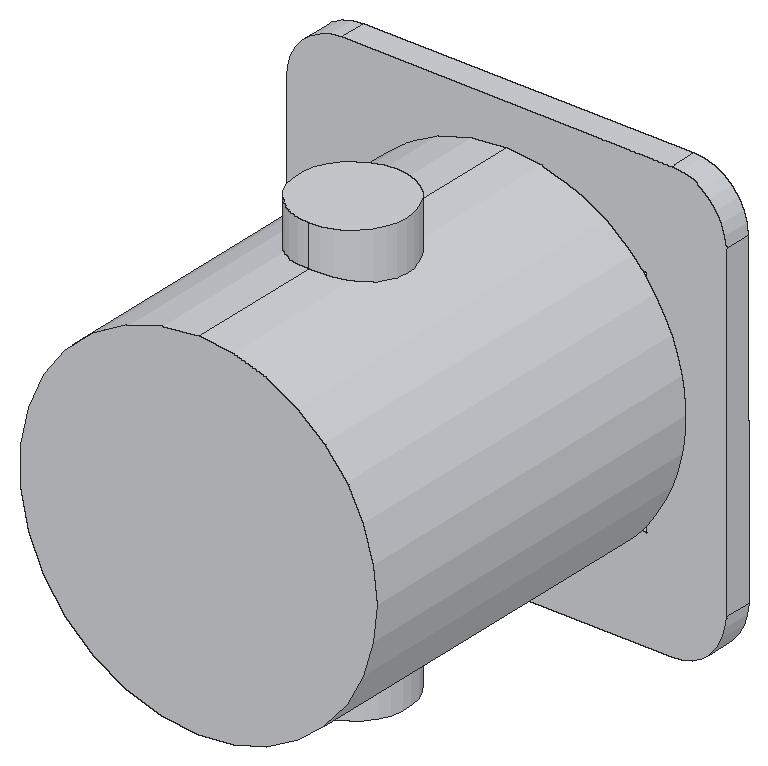
Revit family "EI_Fuehler_V1700", category Elektroinstallationen, Revit 2017
Family settings
  Beschriftungsausrichtung beibehalten = Ja
  Bemaßung runder Anschluss = Durchmesser verwenden
  Teiletyp = Normal
  OmniClass-Nummer = 23.80.00.00
  OmniClass-Titel = Electric Power and Lighting
  Arbeitsebenenbasiert = Nein
  Immer vertikal = Ja
  Beim Laden mit Abzugskörper schneiden = Ja
  Gemeinsam genutzt = Nein
  Raumberechnungspunkt = Nein
Parameters (values of type "Aussentemperatur_Feuchtefuehler")
  relativer Feuchtefühler = no
  pbr_Material_KZ = ""
  pbr_Material = none
  pbr_E_Typ = ""
  pbr_E_KZ = ""
  pbr_DINBild = 0
  pbr_Bild = 0
  pbr_3Dx_Delta_Korrekturversatz [instance] = 0 mm
  pbr_3DX_Versatzfaktor [instance] = 0
  pbr_2DY_Versatzfaktor [instance] = 0
  pbr_2DX_Versatzfaktor [instance] = 0
  kombinierter Temperatur-Feuchtefühler = no
  kombinierter Außentemperatur-Feuchtefühler = yes
  cpiFitMatchKey [instance] = "D  TF-H"
  Zentrale [instance] = ""
  Wirkleistung [instance] = 0 W
  Winkel [instance] = 90.00°
  Typ [instance] = ""
  Text3 [instance] = ""
  Text2 [instance] = ""
  Text1 [instance] = ""
  Spannung [instance] = 0
  Scheinleistung [instance] = 0 VA
  Schaltgruppe2 [instance] = 0
  Schaltgruppe1 [instance] = 0
  Polig [instance] = 1
  Planungsbüro Rohling = "www.pbr.de"
  Nennstrom [instance] = 0
  Menge(Dosenzahl) [instance] = 0
  Linie/Anschluss [instance] = ""
  Leistungsfaktor [instance] = 0
  Lastklassifizierung = none
  Installationsart [instance] = ""
  Info [instance] = ""
  Gleichzeitigkeitsfaktor3 [instance] = 0
  Gleichzeitigkeitsfaktor2 [instance] = 0
  Gleichzeitigkeitsfaktor1 [instance] = 0
  Gewerk [instance] = "MSR"
  Gasmessfühler CO2 = no
  Eckversatz [instance] = 0 mm
  YFrontversatz [instance] = if(pbr_2DY_Versatzfaktor = 300, 0 mm, pbr_2DY_Versatzfaktor * 300 mm)  # 0 mm
  XSeitenversatz [instance] = if(pbr_2DX_Versatzfaktor = 0, 3000 mm, 3000 mm + (pbr_2DX_Versatzfaktor * 300 mm)) + Eckversatz  # 3000 mm
  X3Dversatz [instance] = if([3DX_Versatzkontrolle] = 0, 2000 mm, 2000 mm + ([3DX_Versatzkontrolle] * (300 mm - 80 mm))) + pbr_3Dx_Delta_Korrekturversatz  # 2000 mm
  Steckdosenradius = 20 mm
  R_Leerrohranschluss = 10 mm
  Niveau [instance] = 300 mm
  Dosentiefe = 70 mm  # constant formula
  Dosenradius = 65 mm / 2  # 32.5 mm
  D_Leerrohranschluss = 2 * R_Leerrohranschluss  # 20 mm
  Breite [instance] = 80 mm
  Anlaufstrom [instance] = 0
  3DX_Versatzkontrolle [instance] = if(pbr_3DX_Versatzfaktor = 0, (pbr_2DX_Versatzfaktor * -1), (((-1 * pbr_3DX_Versatzfaktor) + pbr_2DX_Versatzfaktor) * -1))  # 0
Types (4, lengths in mm): name | relativer Feuchtefühler | kombinierter Temperatur-Feuchtefühler | kombinierter Außentemperatur-Feuchtefühler | Gasmessfühler CO2
  Gasmessfuehler_CO2 | no | no | no | yes
  Aussentemperatur_Feuchtefuehler | no | no | yes | no
  relativer_Feuchtefuehler | yes | no | no | no
  Temperatur_Feuchtefuehler | no | yes | no | no
Reference planes
  plane 1 "Mitte (Vorne/Hinten)": y = 0
  plane 2: z = 0
  plane 3 "Mitte (Links/Rechts)": x = 0
  plane 4: x = -125
  plane 5: x = 125
  plane 6: y = 300
  plane 7 "Schalterhinten": y = 0
  plane 8: x = -3000
  plane 9: x = 0
  plane 10: x = -2000
  plane 11: x = -40
  plane 12: x = 40
  plane 13: z = 340
  plane 14: z = 260
  plane 15 "SchalterVorne": y = 5
  plane 16 "3DSchalterMitte": x = 0
  plane 17 "Achse": z = 300
  plane 18: y = -70
  plane 19: y = -35
  plane 20: z = 320
  plane 21: z = 280
  plane 22 "EDV01": x = -20
  plane 23 "EDV2": x = 20
  plane 24: y = 150
Forms (mm)
  Extrusion 1, solid
    sketch origin (0, 20, 0) x (0, 0, 1) y (-1, 0, 0)
      loop
        line (260, 30) -> (260, -30)
        arc (260, -30) -> (262.929, -37.071) -> (270, -40) r 10
        line (270, -40) -> (330, -40)
        arc (330, -40) -> (337.071, -37.071) -> (340, -30) r 10
        line (340, -30) -> (340, 30)
        arc (340, 30) -> (337.071, 37.071) -> (330, 40) r 10
        line (330, 40) -> (270, 40)
        arc (270, 40) -> (262.929, 37.071) -> (260, 30) r 10
    from 15 to 20
  Sweep 2, solid
    path origin (0, 0, 0) x (0, 0, 1) y (0, -1, 0)
      loop
        line (300, 0) -> (300, 70)
    profile origin (0, -35, 300) x (0, 0, -1) y (1, 0, 0)
      loop
        circle (0, 0) r 32.5
  Sweep 3, solid
    path origin (0, 0, 0) x (0, 0, 1) y (0, -1, 0)
      loop
        line (260, 35) -> (340, 35)
    profile origin (0, -35, 300) x (0, -1, 0) y (1, 0, 0)
      loop
        circle (0, 0) r 10
  Sweep 4, void
    path origin (20, 0, 0) x (0, 0, 1) y (0, -1, 0)
      loop
        line (300, -5) -> (300, 0)
    profile origin (20, 2.5, 300) x (0, 0, -1) y (1, 0, 0)
      loop
        line (21.25, 5.5) -> (-21.25, 5.5) -> (-21.25, -45.5) -> (21.25, -45.5) -> (21.25, 5.5)
Cuts and joins
  Sweep 4 cuts Extrusion 1
  Sweep 4 cuts Sweep 2
  Sweep 4 cuts Sweep 3
  joined: Extrusion 1, Sweep 2, Sweep 3
Dimensions and locks
  plane 4 to plane 5 = 250 mm
  plane 6 to plane 7 "Schalterhinten" = 300 mm
  equal spacing: plane 4, plane 9, plane 5, locked at 125 each
  "XSeitenversatz": plane 8 to plane 9
  plane 8 to plane 3 "Mitte (Links/Rechts)" = 3000 mm
  "YFrontversatz": plane 1 "Mitte (Vorne/Hinten)" to plane 7 "Schalterhinten"
  "Breite": plane 12 to plane 11
  plane 13 to plane 14 = 80 mm
  plane 9 to plane 10 = 2000 mm
  equal spacing: plane 12, plane 16 "3DSchalterMitte", plane 11
  "X3Dversatz": plane 16 "3DSchalterMitte" to plane 10
  equal spacing: plane 13, plane 17 "Achse", plane 14
  "Niveau": plane 17 "Achse" to level
  "Dosentiefe": plane 1 "Mitte (Vorne/Hinten)" to plane 18
  plane 15 "SchalterVorne" to plane 1 "Mitte (Vorne/Hinten)" = 5 mm
  equal spacing: plane 18, plane 19, plane 1 "Mitte (Vorne/Hinten)"
  plane 13 to plane 20 = 20 mm
  plane 21 to plane 14 = 20 mm
  plane 22 "EDV01" to plane 11 = 20 mm
  plane 12 to plane 23 "EDV2" = 20 mm
  equal spacing: plane 6, plane 24, plane 7 "Schalterhinten"
  locked: Sweep 4 sketch curve to plane 21 at 1.25
  locked: plane 20 to Sweep 4 sketch curve at 1.25
  locked: plane 22 "EDV01" to Sweep 4 sketch curve at 5.5
  locked: Sweep 4 sketch curve to plane 23 "EDV2" at 5.5
  "Dosenradius": radius of Sweep 2 sketch curve
  "R_Leerrohranschluss": radius of Sweep 3 sketch curve
  aligned and locked: level to plane 2
  aligned and locked: plane 14 to Extrusion 1 sketch curve
  aligned and locked: plane 11 to Extrusion 1 sketch curve
  aligned and locked: Extrusion 1 sketch curve to plane 13
  aligned and locked: Extrusion 1 sketch curve to plane 12
  aligned and locked: plane 1 "Mitte (Vorne/Hinten)" to Extrusion 1
  aligned and locked: Extrusion 1 to plane 15 "SchalterVorne"
  aligned and locked: nested 1 to plane 9
  aligned and locked: plane 7 "Schalterhinten" to nested 1
  aligned and locked: nested 2 to plane 9
  aligned and locked: nested 2 to plane 7 "Schalterhinten"
  aligned and locked: nested 3 to plane 9
  aligned and locked: nested 3 to plane 7 "Schalterhinten"
  aligned and locked: nested 4 to plane 9
  aligned and locked: nested 4 to plane 7 "Schalterhinten"
Automatic sketch dimensions
  Sweep 2 sketch curve to plane 17 "Achse" = 0 mm
  Sweep 2 sketch curve to plane 1 "Mitte (Vorne/Hinten)" = 0 mm
  Sweep 2 sketch curve to plane 18 = 0 mm
  plane 16 "3DSchalterMitte" to Sweep 2 sketch curve = 0 mm
  Sweep 2 sketch curve to profile plane = 0 mm
  Sweep 3 sketch curve to plane 14 = 0 mm
  plane 13 to Sweep 3 sketch curve = 0 mm
  Sweep 3 sketch curve to plane 19 = 0 mm
  Sweep 3 sketch curve to plane 16 "3DSchalterMitte" = 0 mm
  Sweep 3 sketch curve to profile plane = 0 mm
  Sweep 4 sketch curve to plane 1 "Mitte (Vorne/Hinten)" = 0 mm
  Sweep 4 sketch curve to plane 17 "Achse" = 0 mm
  Sweep 4 sketch curve to plane 15 "SchalterVorne" = 0 mm
  plane 11 to Extrusion 1 sketch curve = 10 mm  (x2)
  Extrusion 1 sketch curve to Extrusion 1 sketch curve = 10 mm  (x2)
Nested families
  nested 1: "Gasmessfühler CO2" at (0, 0, 0), visible <- "Gasmessfühler CO2", Winkel <- "Winkel", type "Gasmessfühler CO2"
    with Winkel 90.00°
  nested 2: "kombinierter Außentemperatur-Feuchtefühler" at (0, 0, 0), visible <- "kombinierter Außentemperatur-Feuchtefühler", Winkel <- "Winkel", type "kombinierter Außentemperatur-Feuchtefühler"
    with Winkel 90.00°
  nested 3: "kombinierter Temperatur-Feuchtefühler" at (0, 0, 0), visible <- "kombinierter Temperatur-Feuchtefühler", Winkel <- "Winkel", type "kombinierter Temperatur-Feuchtefühler"
    with Winkel 90.00°
  nested 4: "relativer Feuchtefühler" at (0, 0, 0), visible <- "relativer Feuchtefühler", Winkel <- "Winkel", type "relativer Feuchtefühler"
Connectors
  electrical at (0, -35, 340)
    settings: on cut or joined group of Extrusion 1, Sweep 2, Sweep 3, Sweep 4, index 1, voltage 230 V, apparent load 0 VA, apparent load phase1 0 VA, apparent load phase2 0 VA, apparent load phase3 0 VA, power factor 1, load classification "Elektro", number of poles 1, system type 13, power factor state 1, is connector primary yes, connector utility no, sub classification motor no, connector description ""
  cabletrayconduit at (0, -35, 340), diameter 20, driven by "D_Leerrohranschluss"
    settings: on cut or joined group of Extrusion 1, Sweep 2, Sweep 3, Sweep 4, index 2, connector width 300 mm, connector height 300 mm, connector angle 0.00°, system type 32, placement type 0, profile type 0, connector reference index -1, is primary connector yes, connector utility param no, connector description ""
  cabletrayconduit at (0, -35, 260), diameter 20, driven by "D_Leerrohranschluss"
    settings: on cut or joined group of Extrusion 1, Sweep 2, Sweep 3, Sweep 4, index 3, connector width 300 mm, connector height 300 mm, connector angle 0.00°, system type 32, placement type 0, profile type 0, connector reference index -1, is primary connector no, connector utility param no, connector description ""
Definition of nested family "Gasmessfühler CO2"
  Parameters (values of type "Gasmessfühler CO2")
    Winkel [instance] = 90.00°
    O = yes
    C = yes
  Reference planes
    plane 1 "Mitte (Vorne/Hinten)": y = 0
    plane 2: z = 0
    plane 3 "Mitte (Links/Rechts)": x = 0
  Lines and regions (mm)
    Filled region 1, type "Beton", in view "Referenzebene"
      outline origin (-6.476, -4.912, 0) x (1, 0, 0) y (0, 1, 0)
        loop
          spline (175.27, 79.99) -> (177.083, 86.983) -> (181.031, 89.837) -> (186.56, 89.202) -> (189.804, 85.472) -> (190.542, 80.325) -> (189.113, 75.538) -> (186.124, 70.909) -> (182.224, 66.351) -> (178.14, 61.876) -> (174.261, 57.373) -> (171.448, 53.136) -> (169.182, 44.899)
          line (169.182, 44.899) -> (195.679, 44.899) -> (195.679, 50.644) -> (176.035, 50.644)
          spline (176.035, 50.644) -> (180.5, 56.784) -> (185.543, 62.283) -> (189.918, 67.206) -> (193.754, 73.097) -> (195.48, 78.679) -> (195.453, 84.128) -> (192.843, 90.435) -> (188.489, 94.044) -> (181.987, 95.058) -> (175.945, 93.029) -> (172.204, 88.747) -> (170.148, 80.653)
          line (170.148, 80.653) -> (175.27, 79.99)
    Filled region 2, type "Beton", in view "Referenzebene", visible <- "C"
      outline origin (1589.023, -895.822, 0) x (1, 0, 0) y (0, 1, 0)
        loop
          line (-1632.541, 1066.003) -> (-1609.43, 1071.459)
          spline (-1609.43, 1071.459) -> (-1630.094, 1105.773) -> (-1663.175, 1121.635) -> (-1700.54, 1120.717) -> (-1733.94, 1104.589) -> (-1755.565, 1074.608) -> (-1763.129, 1037.247) -> (-1759.224, 1001.05) -> (-1743.238, 966.81) -> (-1713.775, 945.074) -> (-1676.305, 939.672) -> (-1640.754, 949.467) -> (-1610.969, 984.402)
          line (-1610.969, 984.402) -> (-1607.772, 993.835) -> (-1606.404, 998.941) -> (-1629.82, 1004.779)
          spline (-1629.82, 1004.779) -> (-1643.155, 976.129) -> (-1666.31, 961.685) -> (-1694.261, 961.002) -> (-1719.707, 973.887) -> (-1733.717, 996.771) -> (-1738.912, 1025.446) -> (-1737.272, 1052.478) -> (-1727.173, 1080.049) -> (-1706.265, 1097.881) -> (-1679.363, 1103.112) -> (-1651.556, 1095.094) -> (-1633.505, 1069.108)
          line (-1633.505, 1069.108) -> (-1632.541, 1066.003)
    Filled region 3, type "Beton", in view "Referenzebene", visible <- "O"
      outline origin (-150.037, -894.23, 0) x (1, 0, 0) y (0, 1, 0)
        loop
          spline (223.621, 938.736) -> (245.62, 941.872) -> (266.121, 951.065) -> (283.725, 965.69) -> (297.233, 984.749) -> (305.724, 1006.944) -> (308.621, 1030.762) -> (305.724, 1054.579) -> (297.233, 1076.774) -> (283.725, 1095.833) -> (266.121, 1110.458) -> (245.62, 1119.651) -> (223.621, 1122.787)
          spline (223.621, 1122.787) -> (201.621, 1119.651) -> (181.121, 1110.458) -> (163.516, 1095.833) -> (150.008, 1076.774) -> (141.517, 1054.579) -> (138.621, 1030.762) -> (141.517, 1006.944) -> (150.008, 984.749) -> (163.516, 965.69) -> (181.121, 951.065) -> (201.621, 941.872) -> (223.621, 938.736)
        loop
          spline (223.269, 959.456) -> (239.434, 961.909) -> (254.498, 969.099) -> (267.434, 980.538) -> (277.36, 995.446) -> (283.6, 1012.806) -> (285.728, 1031.435) -> (283.6, 1050.065) -> (277.36, 1067.425) -> (267.434, 1082.332) -> (254.498, 1093.771) -> (239.434, 1100.962) -> (223.269, 1103.415)
          spline (223.269, 1103.415) -> (207.103, 1100.962) -> (192.039, 1093.771) -> (179.104, 1082.332) -> (169.178, 1067.425) -> (162.938, 1050.065) -> (160.81, 1031.435) -> (162.938, 1012.806) -> (169.178, 995.446) -> (179.104, 980.538) -> (192.039, 969.099) -> (207.103, 961.909) -> (223.269, 959.456)
    detail lines, in view "Referenzebene"
      curve 1: line (-213.674, 270, 0) -> (213.674, 270, 0)
      curve 2: line (213.674, 270, 0) -> (213.674, 0, 0)
      curve 3: line (213.674, 0, 0) -> (-213.674, 0, 0)
      curve 4: line (-213.674, 0, 0) -> (-213.674, 270, 0)
  Dimensions and locks
    equal spacing: curve 4, plane 3 "Mitte (Links/Rechts)", curve 2
Definition of nested family "kombinierter Außentemperatur-Feuchtefühler"
  Parameters (values of type "kombinierter Außentemperatur-Feuchtefühler")
    Winkel [instance] = 90.00°
    T = yes
    F = yes
    A = yes
  Reference planes
    plane 1 "Mitte (Vorne/Hinten)": y = 0
    plane 2: z = 0
    plane 3 "Mitte (Links/Rechts)": x = 0
  Lines and regions (mm)
    Filled region 1, type "Beton", in view "Referenzebene"
      outline origin (-33.187, 12.335, 0) x (1, 0, 0) y (0, 1, 0)
        loop
          spline (110.426, 106.454) -> (110.91, 115.817) -> (111.798, 122.634) -> (112.412, 126.384) -> (112.906, 128.574) -> (113.758, 131.022) -> (115.476, 134.466) -> (117.977, 137.729) -> (120.808, 139.895) -> (123.483, 141.251) -> (126.689, 141.934) -> (130.421, 141.709) -> (137.772, 137.994)
          line (137.772, 137.994) -> (142.931, 154.87)
          spline (142.931, 154.87) -> (138.756, 157.235) -> (134.51, 158.916) -> (130.505, 159.964) -> (127.05, 160.428) -> (124.346, 160.363) -> (122.236, 159.843) -> (120.491, 158.947) -> (118.881, 157.753) -> (117.166, 156.142) -> (115.068, 153.4) -> (112.307, 148.695) -> (108.598, 141.197)
          line (108.598, 141.197) -> (108.598, 158.439) -> (95.426, 158.439) -> (95.426, 51.454) -> (110.426, 51.454) -> (110.426, 106.454)
        loop
          line (36.637, 217.788) -> (2.776, 63.197) -> (14.732, 63.197) -> (50.422, 217.788) -> (36.637, 217.788)
    Filled region 2, type "Beton", in view "Referenzebene"
      outline origin (-425.231, 10.655, 0) x (1, 0, 0) y (0, 1, 0)
        loop
          line (223.608, 112.872) -> (197.468, 192.526) -> (188.366, 192.526) -> (164.013, 112.872) -> (223.608, 112.872)
        loop
          line (210.872, 122.277) -> (192.762, 184.165) -> (175.633, 122.277) -> (210.872, 122.277)
    Filled region 3, type "Beton", in view "Referenzebene", visible <- "F"
      outline origin (1367.311, -878.837, 0) x (1, 0, 0) y (0, 1, 0)
        loop
          line (-1238.295, 1120.011) -> (-1238.295, 942.626) -> (-1214.963, 942.626) -> (-1214.963, 1023.285) -> (-1131.598, 1023.285) -> (-1131.598, 1044.131) -> (-1214.963, 1044.131) -> (-1214.963, 1099.131) -> (-1118.75, 1099.131) -> (-1118.75, 1120.011) -> (-1238.295, 1120.011)
    Filled region 4, type "Beton", in view "Referenzebene", visible <- "T"
      outline origin (-1208.349, -879.112, 0) x (1, 0, 0) y (0, 1, 0)
        loop
          line (1098.534, 942.626) -> (1098.534, 1099.344) -> (1156.517, 1099.344) -> (1156.517, 1120.011) -> (1016.517, 1120.011) -> (1016.517, 1099.344) -> (1075.113, 1099.344) -> (1075.113, 942.626) -> (1098.534, 942.626)
    Filled region 5, type "Beton", in view "Referenzebene", visible <- "A"
      outline origin (2380.144, -928.837, 0) x (1, 0, 0) y (0, 1, 0)
        loop
          line (-2102.291, 942.626) -> (-2077.464, 942.626) -> (-2057.901, 996.376) -> (-1983.637, 996.376) -> (-1962.821, 942.626) -> (-1936.216, 942.626) -> (-2008.949, 1120.011) -> (-2033.949, 1120.011) -> (-2102.291, 942.626)
        loop
          line (-2051.01, 1015.307) -> (-1990.968, 1015.307) -> (-2022.201, 1101.118) -> (-2051.01, 1015.307)
    detail lines, in view "Referenzebene"
      curve 1: line (-264.63, 270, 0) -> (264.63, 270, 0)
      curve 2: line (264.63, 270, 0) -> (264.63, 0, 0)
      curve 3: line (264.63, 0, 0) -> (-264.63, 0, 0)
      curve 4: line (-264.63, 0, 0) -> (-264.63, 270, 0)
  Dimensions and locks
    equal spacing: curve 4, plane 3 "Mitte (Links/Rechts)", curve 2
Definition of nested family "kombinierter Temperatur-Feuchtefühler"
  Parameters (values of type "kombinierter Temperatur-Feuchtefühler")
    Winkel [instance] = 90.00°
    T = yes
    F = yes
  Reference planes
    plane 1 "Mitte (Vorne/Hinten)": y = 0
    plane 2: z = 0
    plane 3 "Mitte (Links/Rechts)": x = 0
  Lines and regions (mm)
    Filled region 1, type "Beton", in view "Referenzebene"
      outline origin (-28.187, -4.839, 0) x (1, 0, 0) y (0, 1, 0)
        loop
          spline (110.426, 106.454) -> (110.91, 115.817) -> (111.798, 122.634) -> (112.412, 126.384) -> (112.906, 128.574) -> (113.758, 131.022) -> (115.476, 134.466) -> (117.977, 137.729) -> (120.808, 139.895) -> (123.483, 141.251) -> (126.689, 141.934) -> (130.421, 141.709) -> (137.772, 137.994)
          line (137.772, 137.994) -> (142.931, 154.87)
          spline (142.931, 154.87) -> (138.756, 157.235) -> (134.51, 158.916) -> (130.505, 159.964) -> (127.05, 160.428) -> (124.346, 160.363) -> (122.236, 159.843) -> (120.491, 158.947) -> (118.881, 157.753) -> (117.166, 156.142) -> (115.068, 153.4) -> (112.307, 148.695) -> (108.598, 141.197)
          line (108.598, 141.197) -> (108.598, 158.439) -> (95.426, 158.439) -> (95.426, 51.454) -> (110.426, 51.454) -> (110.426, 106.454)
        loop
          line (36.637, 217.788) -> (2.776, 63.197) -> (14.732, 63.197) -> (50.422, 217.788) -> (36.637, 217.788)
    Filled region 2, type "Beton", in view "Referenzebene"
      outline origin (-420.231, -6.519, 0) x (1, 0, 0) y (0, 1, 0)
        loop
          line (223.608, 112.872) -> (197.468, 192.526) -> (188.366, 192.526) -> (164.013, 112.872) -> (223.608, 112.872)
        loop
          line (210.872, 122.277) -> (192.762, 184.165) -> (175.633, 122.277) -> (210.872, 122.277)
    Filled region 3, type "Beton", in view "Referenzebene", visible <- "F"
      outline origin (1372.311, -896.011, 0) x (1, 0, 0) y (0, 1, 0)
        loop
          line (-1238.295, 1120.011) -> (-1238.295, 942.626) -> (-1214.963, 942.626) -> (-1214.963, 1023.285) -> (-1131.598, 1023.285) -> (-1131.598, 1044.131) -> (-1214.963, 1044.131) -> (-1214.963, 1099.131) -> (-1118.75, 1099.131) -> (-1118.75, 1120.011) -> (-1238.295, 1120.011)
    Filled region 4, type "Beton", in view "Referenzebene", visible <- "T"
      outline origin (-1203.349, -896.286, 0) x (1, 0, 0) y (0, 1, 0)
        loop
          line (1098.534, 942.626) -> (1098.534, 1099.344) -> (1156.517, 1099.344) -> (1156.517, 1120.011) -> (1016.517, 1120.011) -> (1016.517, 1099.344) -> (1075.113, 1099.344) -> (1075.113, 942.626) -> (1098.534, 942.626)
    detail lines, in view "Referenzebene"
      curve 1: line (-264.63, 270, 0) -> (264.63, 270, 0)
      curve 2: line (264.63, 270, 0) -> (264.63, 0, 0)
      curve 3: line (264.63, 0, 0) -> (-264.63, 0, 0)
      curve 4: line (-264.63, 0, 0) -> (-264.63, 270, 0)
  Dimensions and locks
    equal spacing: curve 4, plane 3 "Mitte (Links/Rechts)", curve 2
Definition of nested family "relativer Feuchtefühler"
  Parameters (values of type "relativer Feuchtefühler")
    Winkel [instance] = 90.00°
    F = yes
  Reference planes
    plane 1 "Mitte (Vorne/Hinten)": y = 0
    plane 2: z = 0
    plane 3 "Mitte (Links/Rechts)": x = 0
  Lines and regions (mm)
    Filled region 1, type "Beton", in view "Referenzebene"
      outline origin (-186.399, -5.162, 0) x (1, 0, 0) y (0, 1, 0)
        loop
          spline (110.426, 106.454) -> (110.91, 115.817) -> (111.798, 122.634) -> (112.412, 126.384) -> (112.906, 128.574) -> (113.758, 131.022) -> (115.476, 134.466) -> (117.977, 137.729) -> (120.808, 139.895) -> (123.483, 141.251) -> (126.689, 141.934) -> (130.421, 141.709) -> (137.772, 137.994)
          line (137.772, 137.994) -> (142.931, 154.87)
          spline (142.931, 154.87) -> (138.756, 157.235) -> (134.51, 158.916) -> (130.505, 159.964) -> (127.05, 160.428) -> (124.346, 160.363) -> (122.236, 159.843) -> (120.491, 158.947) -> (118.881, 157.753) -> (117.166, 156.142) -> (115.068, 153.4) -> (112.307, 148.695) -> (108.598, 141.197)
          line (108.598, 141.197) -> (108.598, 158.439) -> (95.426, 158.439) -> (95.426, 51.454) -> (110.426, 51.454) -> (110.426, 106.454)
    Filled region 2, type "Beton", in view "Referenzebene", visible <- "F"
      outline origin (1209.099, -896.334, 0) x (1, 0, 0) y (0, 1, 0)
        loop
          line (-1238.295, 1120.011) -> (-1238.295, 942.626) -> (-1214.963, 942.626) -> (-1214.963, 1023.285) -> (-1131.598, 1023.285) -> (-1131.598, 1044.131) -> (-1214.963, 1044.131) -> (-1214.963, 1099.131) -> (-1118.75, 1099.131) -> (-1118.75, 1120.011) -> (-1238.295, 1120.011)
    detail lines, in view "Referenzebene"
      curve 1: line (-134.565, 270, 0) -> (134.565, 270, 0)
      curve 2: line (134.565, 270, 0) -> (134.565, 0, 0)
      curve 3: line (134.565, 0, 0) -> (-134.565, 0, 0)
      curve 4: line (-134.565, 0, 0) -> (-134.565, 270, 0)
  Dimensions and locks
    equal spacing: curve 4, plane 3 "Mitte (Links/Rechts)", curve 2
